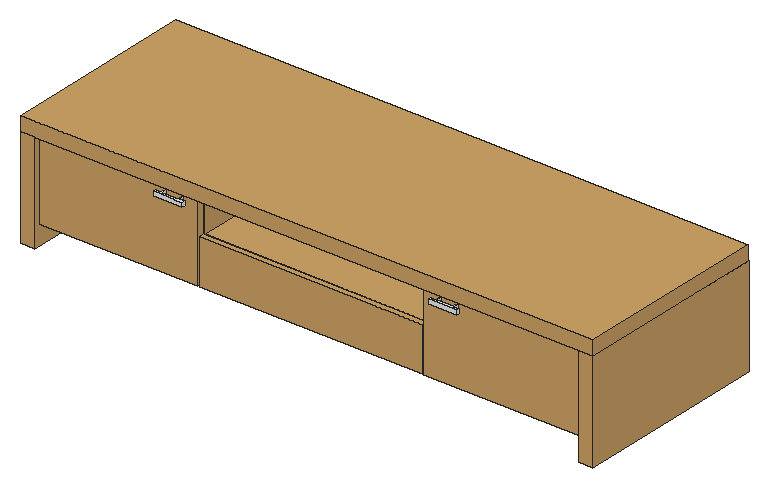
Revit family
Parameters (values of type "2000x680x400mm")
  Manufacturer = ""
  Model = ""
  폭 = 2000 mm
  상단 면 재료 = 목재 - 티크, 폭, 약함
  지지 재료 = 목재 - 티크, 폭, 약함
  측면 재료 = 목재 - 티크, 길이, 약함
  중간 재료 = 목재 - 티크, 폭, 약함
  손잡이 재료 = 금속 - 크롬(2)
  서랍 재료 = 목재 - 티크, 폭, 약함
  깊이 = 680 mm
Types (4, lengths in mm): name | 폭 | 깊이
  (no name) | 2000 | 680
  1800x600x400mm | 1800 | 600
  1900x650x400mm | 1900 | 650
  2000x680x400mm | 2000 | 680
Reference planes
  plane 1 "중심(앞/뒤)": y = 8.5
  plane 2: z = 0
  plane 3 "중심(왼쪽/오른쪽)": x = 0
  plane 4: y = -266.5
  plane 5: x = -1000
  plane 6: x = 1000
  plane 7: y = 413.5
  plane 8: x = -950
  plane 9: x = 950
  plane 10: y = 408.5
  plane 11: y = 388.5
  plane 12: x = -300
  plane 13: x = 300
  plane 14: x = -410
  plane 15: x = -390
  plane 16: x = 390
  plane 17: x = 410
  plane 18: y = -166.5
  plane 19: y = -246.5
  plane 20: y = -226.5
  plane 21: z = 400
  plane 22: z = 350
  plane 23: z = 70
  plane 24: y = -224.5
  plane 25: x = -305
  plane 26: x = -395
  plane 27: x = 395
  plane 28: x = 305
  plane 29: z = 348
  plane 30: z = 90
  plane 31: z = 220
  plane 32: z = 225
  plane 33: z = 215
  plane 34: z = 330
  plane 35: z = 315
Forms (mm)
  Extrusion 1, solid, material "목재 - 티크, 길이, 약함" <- "측면 재료"
    sketch origin (0, 0, 0) x (1, 0, 0) y (0, 1, 0)
      loop
        line (-1000, 413.5) -> (-1000, -266.5) -> (-950, -266.5) -> (-950, 413.5) -> (-1000, 413.5)
      loop
        line (1000, 413.5) -> (950, 413.5) -> (950, -266.5) -> (1000, -266.5) -> (1000, 413.5)
    from 0 to 350
  Extrusion 2, solid, material "목재 - 티크, 길이, 약함" <- "측면 재료"
    sketch origin (0, 0, 0) x (1, 0, 0) y (0, 1, 0)
      loop
        line (-950, 408.5) -> (-950, 388.5) -> (950, 388.5) -> (950, 408.5) -> (-950, 408.5)
    from 70 to 350
  Extrusion 3, solid, material "목재 - 티크, 폭, 약함" <- "상단 면 재료"
    sketch origin (0, 0, 0) x (1, 0, 0) y (0, 1, 0)
      loop
        line (-1000, 413.5) -> (-1000, -266.5) -> (1000, -266.5) -> (1000, 413.5) -> (-1000, 413.5)
    from 350 to 400
  Extrusion 4, solid, material "목재 - 티크, 폭, 약함" <- "서랍 재료"
    sketch origin (0, 0, 0) x (1, 0, 0) y (0, 1, 0)
      loop
        line (-950, -226.5) -> (-950, -246.5) -> (-395, -246.5) -> (-395, -226.5) -> (-950, -226.5)
      loop
        line (950, -226.5) -> (395, -226.5) -> (395, -246.5) -> (950, -246.5) -> (950, -226.5)
    from 70 to 348
  Extrusion 5, solid, material "목재 - 티크, 폭, 약함" <- "지지 재료"
    sketch origin (0, 0, 0) x (1, 0, 0) y (0, 1, 0)
      loop
        line (-950, 388.5) -> (-950, -224.5) -> (950, -224.5) -> (950, 388.5) -> (-950, 388.5)
    from 70 to 90
  Extrusion 6, solid, material "목재 - 티크, 길이, 약함" <- "측면 재료"
    sketch origin (0, 0, 0) x (1, 0, 0) y (0, 1, 0)
      loop
        line (-410, 388.5) -> (-410, -224.5) -> (-390, -224.5) -> (-390, 388.5) -> (-410, 388.5)
      loop
        line (410, 388.5) -> (390, 388.5) -> (390, -224.5) -> (410, -224.5) -> (410, 388.5)
    from 90 to 350
  Extrusion 7, solid, material "목재 - 티크, 폭, 약함" <- "중간 재료"
    sketch origin (0, 0, 0) x (1, 0, 0) y (0, 1, 0)
      loop
        line (-390, 388.5) -> (-390, -224.5) -> (390, -224.5) -> (390, 388.5) -> (-390, 388.5)
    from 215 to 225
  Extrusion 8, solid, material "목재 - 티크, 폭, 약함" <- "서랍 재료"
    sketch origin (0, 0, 0) x (1, 0, 0) y (0, 1, 0)
      loop
        line (-390, -226.5) -> (-390, -246.5) -> (390, -246.5) -> (390, -226.5) -> (-390, -226.5)
    from 70 to 225
  Extrusion 9, solid, material "금속 - 크롬(2)" <- "손잡이 재료"
    sketch origin (0, 20, 0) x (1, 0, 0) y (0, 1, 0)
      loop
        line (-512.5, -266.5) -> (-512.5, -281.5) -> (-530, -281.5) -> (-530, -291.5) -> (-430, -291.5) -> (-430, -281.5) -> (-447.5, -281.5) -> (-447.5, -266.5) -> (-452.5, -266.5) -> (-452.5, -281.5) -> (-507.5, -281.5) -> (-507.5, -266.5) -> (-512.5, -266.5)
      loop
        line (512.5, -266.5) -> (507.5, -266.5) -> (507.5, -281.5) -> (452.5, -281.5) -> (452.5, -266.5) -> (447.5, -266.5) -> (447.5, -281.5) -> (430, -281.5) -> (430, -291.5) -> (530, -291.5) -> (530, -281.5) -> (512.5, -281.5) -> (512.5, -266.5)
    from 315 to 330
Lines and regions (mm)
  Masking region 1
    outline origin (0, 0, 0) x (1, 0, 0) y (0, 1, 0)
      loop
        line (-1000, 413.5) -> (-1000, -266.5) -> (1000, -266.5) -> (1000, 413.5) -> (-1000, 413.5)
  symbolic lines
    curve 1: line (-1000, 413.5, 0) -> (1000, 413.5, 0)
    curve 2: line (-1000, -266.5, 0) -> (-1000, 413.5, 0)
    curve 3: line (1000, -266.5, 0) -> (-1000, -266.5, 0)
    curve 4: line (1000, 413.5, 0) -> (1000, -266.5, 0)
Dimensions and locks
  plane 5 to plane 8 = 50 mm
  plane 14 to plane 26 to plane 15 = 15 mm, 5 mm
  equal spacing: plane 15, plane 3 "중심(왼쪽/오른쪽)", plane 16
  plane 16 to plane 27 to plane 17 = 5 mm, 15 mm
  plane 9 to plane 6 = 50 mm
  "폭": plane 5 to plane 6
  plane 11 to plane 10 to plane 7 = 20 mm, 5 mm
  plane 4 to plane 19 to plane 20 to plane 24 to plane 18 = 20 mm, 20 mm, 2 mm, 58 mm
  plane 4 to plane 1 "중심(앞/뒤)" to plane 7 = 275 mm, 405 mm
  "깊이": plane 4 to plane 7
  plane 8 to plane 14 = 540 mm
  plane 17 to plane 9 = 540 mm
  plane 16 to plane 17 = 20 mm
  plane 14 to plane 15 = 20 mm
  aligned and locked: Extrusion 1 sketch curve to plane 5
  aligned and locked: plane 7 to Extrusion 1 sketch curve
  aligned and locked: plane 4 to Extrusion 1 sketch curve
  aligned and locked: Extrusion 1 sketch curve to plane 8
  aligned and locked: Extrusion 1 to plane 22
  aligned and locked: Extrusion 2 sketch curve to plane 8
  aligned and locked: plane 10 to Extrusion 2 sketch curve
  aligned and locked: plane 11 to Extrusion 2 sketch curve
  aligned and locked: Extrusion 2 sketch curve to plane 9
  aligned and locked: Extrusion 2 to plane 22
  aligned and locked: plane 23 to Extrusion 2
  aligned and locked: Extrusion 3 sketch curve to Extrusion 1  (x2)
  aligned and locked: Extrusion 1 to Extrusion 3 sketch curve
  aligned and locked: Extrusion 3 to plane 21
  aligned and locked: Extrusion 3 to plane 22
  aligned and locked: plane 8 to Extrusion 4 sketch curve
  aligned and locked: plane 20 to Extrusion 4 sketch curve
  aligned and locked: Extrusion 4 to plane 29
  aligned and locked: plane 23 to Extrusion 4
  aligned and locked: Extrusion 2 to Extrusion 5 sketch curve
  aligned and locked: Extrusion 5 sketch curve to Extrusion 2
  aligned and locked: plane 24 to Extrusion 5 sketch curve
  aligned and locked: plane 9 to Extrusion 5 sketch curve
  aligned and locked: plane 23 to Extrusion 5
  aligned and locked: Extrusion 5 to plane 30
  aligned and locked: plane 14 to Extrusion 6 sketch curve
  aligned and locked: plane 11 to Extrusion 6 sketch curve
  aligned and locked: plane 24 to Extrusion 6 sketch curve
  aligned and locked: plane 15 to Extrusion 6 sketch curve
  aligned and locked: Extrusion 6 to plane 22
  aligned and locked: plane 30 to Extrusion 6
  aligned and locked: Extrusion 6 to Extrusion 7 sketch curve
  aligned and locked: Extrusion 7 sketch curve to Extrusion 6  (x3)
  aligned and locked: Extrusion 7 to plane 32
  aligned and locked: plane 33 to Extrusion 7
  aligned and locked: plane 20 to Extrusion 8 sketch curve
  aligned and locked: plane 23 to Extrusion 8
  aligned and locked: Extrusion 8 to plane 32
  aligned and locked: Extrusion 9 to plane 34
  aligned and locked: plane 35 to Extrusion 9
  aligned and locked: plane 27 to Extrusion 4 sketch curve
  aligned and locked: plane 26 to Extrusion 4 sketch curve
  aligned and locked: plane 16 to Extrusion 8 sketch curve
  aligned and locked: Extrusion 9 to Extrusion 4
Automatic sketch dimensions
  Extrusion 1 sketch curve to plane 4 = 0 mm
  Extrusion 1 sketch curve to plane 9 = 0 mm
  Extrusion 1 sketch curve to plane 6 = 0 mm
  Extrusion 1 sketch curve to plane 7 = 0 mm
  Extrusion 3 sketch curve to plane 7 = 0 mm
  Extrusion 4 sketch curve to plane 9 = 0 mm
  Extrusion 4 sketch curve to plane 19 = 0 mm  (x2)
  Extrusion 4 sketch curve to plane 20 = 0 mm
  Extrusion 6 sketch curve to plane 16 = 0 mm
  Extrusion 6 sketch curve to plane 17 = 0 mm
  Extrusion 6 sketch curve to plane 24 = 0 mm
  Extrusion 6 sketch curve to plane 11 = 0 mm
  Extrusion 8 sketch curve to plane 15 = 0 mm
  Extrusion 8 sketch curve to plane 19 = 0 mm
  Extrusion 9 sketch curve to plane 19 = 0 mm  (x4)
  plane 4 to Extrusion 9 sketch curve = 5 mm  (x2)
  plane 14 to Extrusion 9 sketch curve = 120 mm
  Extrusion 9 sketch curve to plane 4 = 5 mm  (x6)
  Extrusion 9 sketch curve to Extrusion 9 sketch curve = 17.5 mm  (x4)
  Extrusion 9 sketch curve to Extrusion 9 sketch curve = 5 mm  (x4)
  plane 14 to Extrusion 9 sketch curve = 42.5 mm
  Extrusion 9 sketch curve to plane 17 = 20 mm
  Extrusion 9 sketch curve to Extrusion 9 sketch curve = 55 mm
  Masking region 1 sketch curve to plane 4 = 0 mm
  Masking region 1 sketch curve to plane 5 = 0 mm
  Masking region 1 sketch curve to plane 6 = 0 mm
  Masking region 1 sketch curve to plane 7 = 0 mm
  curve 3 to plane 4 = 0 mm
  curve 3 to plane 5 = 0 mm
  curve 3 to plane 6 = 0 mm
  curve 2 to plane 7 = 0 mm
